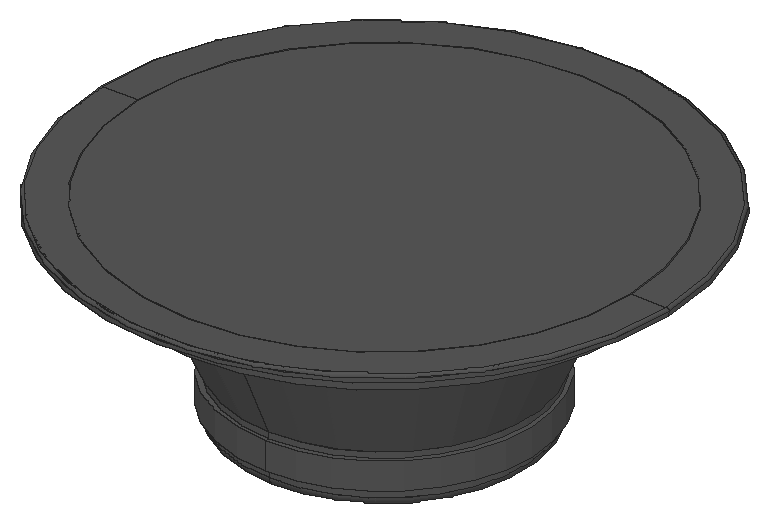
Revit family "Electronics_Commercial-Loudspeakers_Two-Way-Loudspeaker_CM6T", category Communication Devices, host Face, Revit 2020
Family settings
  Host = Face
  Maintain Annotation Orientation = No
  Round Connector Dimension = Use Diameter
  Part Type = Normal
  OmniClass Number = 23.85.10.11.14.14.14
  OmniClass Title = Loudspeakers
  Cut with Voids When Loaded = No
  Shared = No
  Room Calculation Point = No
Parameters (values of type "CM6T B")
  Grill Material = Biamp - Plastic - Black(Grid)
  Frequency response in Hz = "60 - 20K"  # constant formula
  Woofer size in inch = "6.5"  # constant formula
  Vertical dispersion angle 1000 Hz = "180°"  # constant formula
  Tweeter size in inch = "1 inch"  # constant formula
  SPL 1W/1m in dB = "87"  # constant formula
  Max SPL 1m in dB = "105"  # constant formula
  Woofer cone material = "Polypropylene"  # constant formula
  Weight = 3.08647 lbf  # constant formula
  URL = "https://www.biamp.com/"
  Product data url = "https://bimobject.com/biamp/product/cm6t_commercial-loudspeakers-ceiling"
  Product Page URL = "https://www.biamp.com/products/product-families/commercial-loudspeakers/ceiling-loudspeakers#cm6t"
  Product Documentation Link = "https://downloads.biamp.com/assets/docs/default-source/data-sheets/biamp_data_sheet_cm6t_aug20.pdf"
  Mounting system = "3 screws"  # constant formula
  Model = "CM6T B"
  Manufacturer = "Biamp"  # constant formula
  Main construction material = "ABS plastic"  # constant formula
  Low impedance dynamic power in watts = "60"  # constant formula
  Low impedance RMS power in watts = "30"  # constant formula
  Loudspeaker system = "2-way"  # constant formula
  Installation grip range in mm = "2 - 25"  # constant formula
  Impedance in ohms = "16"  # constant formula
  IP rating = "54"  # constant formula
  Housing Material = Biamp - Plastic - Black
  Grille main material = "Aluminium"  # constant formula
  Diameter = 0' - 8.07087"  # constant formula
  Description = "CM6T 6.5 Two-Way Loudspeaker"  # constant formula
  Depth = 0' - 2.95276"  # constant formula
  Default Elevation = 4' - 0"
  Cutout in mm = "186"  # constant formula
  Connector Description = "Terminal strip; Low impedance 16 ohms, 70/100V operation"  # constant formula
  Colour = "Black"
  Closest RAL colour (subject to deviations) = "RAL9010 (W) / RAL9011 (BL)"  # constant formula
  Applicable low impedance = "Yes"  # constant formula
  Applicable in 100V = "Yes"  # constant formula
  70V transformer power taps in watts = "6 - 3 - 1.5 - 0.75"  # constant formula
  100V transformer power taps in watts = "6 - 3 - 1.5"  # constant formula
Types (2): name | Grill Material | Model | Housing Material | Colour
  CM6T B | Biamp - Plastic - Black(Grid) | "CM6T B" | Biamp - Plastic - Black | "Black"
  CM6T W | Biamp - Plastic - White(Grid) | "CM6T W" | Biamp - Plastic - White | "White"
Reference planes (in)
  plane 1 "Center (Front/Back)": y = 0
  plane 2: z = 0
  plane 3 "Center (Left/Right)": x = 0
Forms (in)
  Extrusion 1, solid, material "Biamp - Plastic - Black" <- "Housing Material", detail levels coarse
    sketch origin (0, 0, 0) x (1, 0, 0) y (0, 1, 0)
      loop
        circle (0, 0) r 3.58801
    from -2.75591 to 0
  Extrusion 2, void
    sketch origin (0, 0, 0) x (1, 0, 0) y (0, 1, 0)
      loop
        circle (0, 0) r 3.58801
    from -2.75591 to 0
  Revolve 3, solid, material "Biamp - Plastic - Black" <- "Housing Material", detail levels medium+fine
    sketch origin (0, 0, 0) x (1, 0, 0) y (0, 0, 1)
      loop
        line (0, 0) -> (0, 0.10089) -> (-4.0954, 0.10089)
        arc (-4.0954, 0.10089) -> (-4.12259, 0.08962) -> (-4.13386, 0.06243) r 0.03846
        line (-4.13386, 0.06243) -> (-4.13386, 0) -> (0, 0)
      axis (0, 0) -> (0, 0.10089)
    angle from 0 to 360
  Revolve 4, solid, material "Biamp - Plastic - Black" <- "Housing Material", detail levels medium+fine
    sketch origin (0, 0, 0) x (0, 1, 0) y (0, 0, 1)
      loop
        line (0, 0) -> (-3.58801, 0) -> (-3.58801, -0.3937) -> (-2.85779, -0.3937) -> (-2.08877, -2.04288) -> (-2.08877, -2.12818) -> (-2.15352, -2.12818) -> (-2.15352, -2.52043) -> (-2.0851, -2.52043) -> (-2.0851, -2.64162)
        arc (-2.0851, -2.64162) -> (-2.05163, -2.72243) -> (-1.97082, -2.75591) r 0.11428
        line (-1.97082, -2.75591) -> (0, -2.75591) -> (0, 0)
      axis (0, 0) -> (0, -2.75591)
    angle from 0 to 360
  Extrusion 5, void
    sketch origin (0, 0.24606, 0) x (1, 0, 0) y (0, 1, 0)
      loop
        circle (0, -0.93002) r 0.59055
    from -2.78659 to -2.72037
  Revolve 6, solid, material "Biamp - Plastic - Black" <- "Housing Material", detail levels coarse
    sketch origin (0, 0, 0) x (1, 0, 0) y (0, 0, 1)
      loop
        line (0, 0) -> (0, 0.10089) -> (-4.0954, 0.10089)
        arc (-4.0954, 0.10089) -> (-4.12259, 0.08962) -> (-4.13386, 0.06243) r 0.03846
        line (-4.13386, 0.06243) -> (-4.13386, 0) -> (0, 0)
      axis (0, 0) -> (0, 0.10089)
    angle from 0 to 360
  Extrusion 7, void
    sketch origin (0, 0, 0) x (1, 0, 0) y (0, 1, 0)
      loop
        circle (0, 0) r 3.58801
    from 0 to 0.38008
  Extrusion 8, solid, material "Biamp - Plastic - Black(Grid)" <- "Grill Material", detail levels medium+fine
    sketch origin (0, 0, 0) x (1, 0, 0) y (0, 1, 0)
      loop
        circle (0, 0) r 3.58801
    from 0 to 0.10089
Cuts and joins
  Extrusion 5, Extrusion 7 cuts Extrusion 1
  Extrusion 5, Extrusion 7 cuts Revolve 3
  Extrusion 5, Extrusion 7 cuts Revolve 4
Lines and regions (in)
  Masking region 1
    outline origin (0, 0, 0) x (1, 0, 0) y (0, 1, 0)
      loop
        circle (0, 0) r 4.13386
  Masking region 2
    outline origin (0, 0, 0) x (1, 0, 0) y (0, 1, 0)
      loop
        circle (0, 0) r 3.58801
  Masking region 3
    outline origin (0, 0, 0) x (1, 0, 0) y (0, 0, 1)
      loop
        line (-3.58801, 0) -> (-3.58801, -2.75591) -> (3.58801, -2.75591) -> (3.58801, 0) -> (-3.58801, 0)
  Masking region 4
    outline origin (0, 0, 0) x (1, 0, 0) y (0, 0, 1)
      loop
        line (-4.13386, 0) -> (4.13386, 0) -> (4.13386, 0.062)
        arc (4.13386, 0.062) -> (4.12233, 0.08984) -> (4.09449, 0.10137) r 0.03937
        line (4.09449, 0.10137) -> (-4.09449, 0.10137)
        arc (-4.09449, 0.10137) -> (-4.12233, 0.08984) -> (-4.13386, 0.062) r 0.03937
        line (-4.13386, 0.062) -> (-4.13386, 0)
Dimensions and locks (in)
  aligned and locked: plane 2 to host face
  aligned and locked: level to host face
Connectors (in)
  electrical at (0, -0.68396, -2.72037), driven by "Connector Description"
    settings: on cut or joined group of Extrusion 1, Extrusion 5, Extrusion 7, index 1, voltage 0 V, apparent load 0 VA, apparent load phase1 0 VA, apparent load phase2 0 VA, apparent load phase3 0 VA, power factor 1, load classification "Other", number of poles 1, system type 5, power factor state 1, is connector primary yes, connector utility no, sub classification motor no, connector description "Terminal strip; Low impedance 16 ohms, 70/100V operation"
